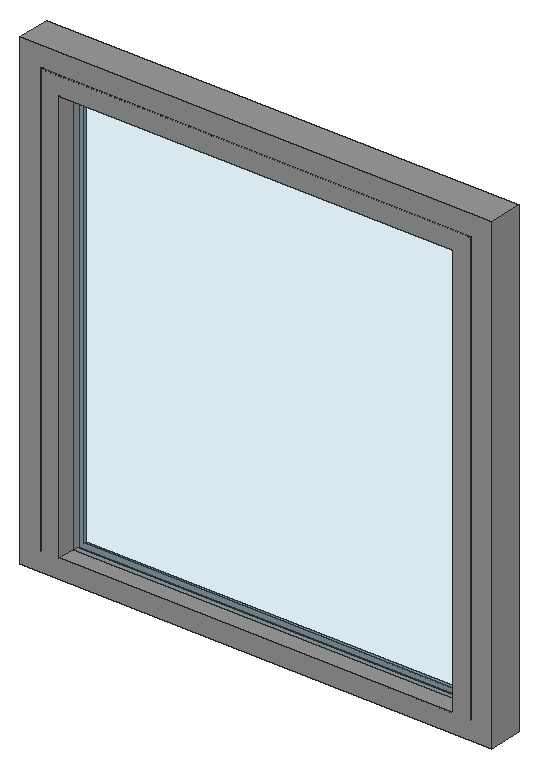
Revit family "Kawneer_Window_GT70s_Pos006", category Windows, host Wall, Revit 2020 (continued)
Definition of nested family "Kawneer_GT70s_Pos006"
  Definition of nested family "Kawneer_GT70s_Jamb6"
    Lines and regions (mm)
      model lines, in view "Ref. Level", detail levels fine
        curve 336: arc (-76.2, -69.5, 0) -> (-76.346, -69.146, 0) -> (-76.7, -69, 0) r 0.5
        curve 337: arc (-77.5, -68.8, 0) -> (-77.441, -68.941, 0) -> (-77.3, -69, 0) r 0.2
        curve 338: arc (-77, -68, 0) -> (-77.354, -68.146, 0) -> (-77.5, -68.5, 0) r 0.5
        curve 339: arc (-73.9, -68.8, 0) -> (-73.5, -68.4, 0) -> (-73.9, -68, 0) r 0.4
        curve 340: arc (-74.8, -68.8, 0) -> (-74.941, -68.859, 0) -> (-75, -69, 0) r 0.2
        curve 341: arc (-75, -69.9, 0) -> (-74.854, -70.254, 0) -> (-74.5, -70.4, 0) r 0.5
        curve 342: arc (-63.489, -70.211, 0) -> (-63.143, -70.061, 0) -> (-63, -69.711, 0) r 0.5
        curve 343: arc (-63, -56.2, 0) -> (-63.146, -55.846, 0) -> (-63.5, -55.7, 0) r 0.5
        curve 344: arc (-66.3, -55.7, 0) -> (-66.441, -55.759, 0) -> (-66.5, -55.9, 0) r 0.2
        curve 345: arc (-66.7, -57.294, 0) -> (-66.559, -57.235, 0) -> (-66.5, -57.094, 0) r 0.2
        curve 346: arc (-67.5, -56.494, 0) -> (-67.266, -57.059, 0) -> (-66.7, -57.294, 0) r 0.8
        curve 347: arc (-66.5, -53.3, 0) -> (-67, -52.8, 0) -> (-67.5, -53.3, 0) r 0.5
        curve 348: arc (-66.5, -53.9, 0) -> (-66.412, -54.112, 0) -> (-66.2, -54.2, 0) r 0.3
        curve 349: arc (-63.7, -54.2, 0) -> (-63.205, -53.995, 0) -> (-63, -53.5, 0) r 0.7
        curve 350: arc (-62.55, -50.373, 0) -> (-62.85, -50.373, 0) -> (-63, -50.633, 0) r 0.3
        curve 351: arc (-60.973, -51.742, 0) -> (-60.712, -51.634, 0) -> (-60.82, -51.372, 0) r 0.2
        curve 352: arc (-61.587, -53.223, 0) -> (-61.568, -53.411, 0) -> (-61.402, -53.5, 0) r 0.2
        curve 353: arc (-57.8, -53.5, 0) -> (-57.659, -53.441, 0) -> (-57.6, -53.3, 0) r 0.2
        curve 354: arc (-58.416, -51, 0) -> (-58.616, -51.215, 0) -> (-58.386, -51.398, 0) r 0.2
        curve 355: arc (-56.51, -51.419, 0) -> (-57.246, -51.107, 0) -> (-58.039, -51, 0) r 3
        curve 356: arc (-56.51, -51.419, 0) -> (-56, -51.559, 0) -> (-55.49, -51.419, 0) r 1
        curve 357: arc (-53.961, -51, 0) -> (-54.754, -51.107, 0) -> (-55.49, -51.419, 0) r 3
        curve 358: arc (-53.618, -51.397, 0) -> (-53.385, -51.217, 0) -> (-53.584, -51, 0) r 0.2
        curve 359: arc (-54.4, -53.3, 0) -> (-54.341, -53.441, 0) -> (-54.2, -53.5, 0) r 0.2
        curve 360: arc (-50.598, -53.5, 0) -> (-50.432, -53.411, 0) -> (-50.413, -53.223, 0) r 0.2
        curve 361: arc (-51.18, -51.372, 0) -> (-51.288, -51.634, 0) -> (-51.027, -51.742, 0) r 0.2
        curve 362: arc (-49, -50.633, 0) -> (-49.15, -50.373, 0) -> (-49.45, -50.373, 0) r 0.3
        curve 363: arc (-49, -53.3, 0) -> (-48.795, -53.795, 0) -> (-48.3, -54, 0) r 0.7
        curve 364: arc (-45.7, -54, 0) -> (-45.559, -53.941, 0) -> (-45.5, -53.8, 0) r 0.2
        curve 365: arc (-45.3, -52.4, 0) -> (-45.441, -52.459, 0) -> (-45.5, -52.6, 0) r 0.2
        curve 366: arc (-44.2, -53.4, 0) -> (-44.493, -52.693, 0) -> (-45.2, -52.4, 0) r 1
        curve 367: arc (-45.212, -57.78, 0) -> (-44.474, -57.116, 0) -> (-44.2, -56.161, 0) r 1.8
        curve 368: arc (-45.5, -57.6, 0) -> (-45.406, -57.77, 0) -> (-45.212, -57.78, 0) r 0.2
        curve 369: arc (-45.5, -56.2, 0) -> (-45.646, -55.846, 0) -> (-46, -55.7, 0) r 0.5
        curve 370: arc (-48.5, -55.7, 0) -> (-48.854, -55.846, 0) -> (-49, -56.2, 0) r 0.5
        curve 371: arc (-49, -69.7, 0) -> (-48.854, -70.054, 0) -> (-48.5, -70.2, 0) r 0.5
        curve 372: arc (-46, -70.2, 0) -> (-45.646, -70.054, 0) -> (-45.5, -69.7, 0) r 0.5
        curve 373: arc (-45.222, -67.816, 0) -> (-45.411, -67.833, 0) -> (-45.5, -68, 0) r 0.2
        curve 374: arc (-44, -69.658, 0) -> (-44.333, -68.553, 0) -> (-45.222, -67.816, 0) r 2
        curve 375: arc (-44.5, -72, 0) -> (-44.146, -71.854, 0) -> (-44, -71.5, 0) r 0.5
        curve 376: arc (-62.95, -37.065, 0) -> (-67.564, -43.206, 0) -> (-75, -41.278, 0) r 6.903
        curve 377: arc (-75, -27.76, 0) -> (-69.095, -25.071, 0) -> (-62.95, -27.155, 0) r 8.809
        curve 378: arc (-81.1, -1.4, 0) -> (-81.454, -1.546, 0) -> (-81.6, -1.9, 0) r 0.5
        curve 379: arc (-81.6, -23.921, 0) -> (-81.271, -24.391, 0) -> (-80.717, -24.242, 0) r 0.5
        curve 380: arc (-69.624, -11.3, 0) -> (-69.835, -11.347, 0) -> (-70.007, -11.479, 0) r 0.5
        curve 381: arc (-67.85, -11.3, 0) -> (-67.709, -11.241, 0) -> (-67.65, -11.1, 0) r 0.2
        curve 382: arc (-67.65, -5.8, 0) -> (-67.709, -5.659, 0) -> (-67.85, -5.6, 0) r 0.2
        curve 383: arc (-70.23, -4.35, 0) -> (-69.315, -5.265, 0) -> (-68.065, -5.6, 0) r 2.5
        curve 384: arc (-71.789, -1.65, 0) -> (-71.972, -1.467, 0) -> (-72.222, -1.4, 0) r 0.5
        curve 385: arc (-68.2, -0.5, 0) -> (-68.346, -0.146, 0) -> (-68.7, 0, 0) r 0.5
        curve 386: arc (-68.4, -1.2, 0) -> (-68.259, -1.141, 0) -> (-68.2, -1, 0) r 0.2
        curve 387: arc (-69.566, -1.2, 0) -> (-69.999, -1.45, 0) -> (-69.999, -1.95, 0) r 0.5
        curve 388: arc (-68.989, -3.7, 0) -> (-68.623, -4.066, 0) -> (-68.123, -4.2, 0) r 1
        curve 389: arc (-66.45, -4.7, 0) -> (-66.596, -4.346, 0) -> (-66.95, -4.2, 0) r 0.5
        curve 390: arc (-66.45, -10.747, 0) -> (-66.409, -10.868, 0) -> (-66.302, -10.94, 0) r 0.2
        curve 391: arc (-63.45, -12.855, 0) -> (-63.76, -11.942, 0) -> (-64.562, -11.406, 0) r 1.5
        curve 392: arc (-64.2, -14.69, 0) -> (-63.651, -14.141, 0) -> (-63.45, -13.391, 0) r 1.5
        curve 393: arc (-66.084, -15.7, 0) -> (-65.955, -15.683, 0) -> (-65.834, -15.633, 0) r 0.5
        curve 394: arc (-66.6, -15.5, 0) -> (-66.541, -15.641, 0) -> (-66.4, -15.7, 0) r 0.2
        curve 395: arc (-65.396, -13.554, 0) -> (-65.288, -13.009, 0) -> (-65.75, -12.7, 0) r 0.5
        curve 396: arc (-80.583, -26.261, 0) -> (-80.67, -26.411, 0) -> (-80.7, -26.582, 0) r 0.5
        curve 397: arc (-81.2, -30.9, 0) -> (-80.846, -30.754, 0) -> (-80.7, -30.4, 0) r 0.5
        curve 398: arc (-83, -30.4, 0) -> (-82.854, -30.754, 0) -> (-82.5, -30.9, 0) r 0.5
        curve 399: arc (-82.5, 0, 0) -> (-82.854, -0.146, 0) -> (-83, -0.5, 0) r 0.5
        curve 400: arc (-80.397, -68.865, 0) -> (-80.441, -69.029, 0) -> (-80.594, -69.1, 0) r 0.2
        curve 401: arc (-80.914, -69.415, 0) -> (-80.928, -69.208, 0) -> (-80.75, -69.1, 0) r 0.2
        curve 402: arc (-80.33, -70.1, 0) -> (-80.422, -70.077, 0) -> (-80.494, -70.015, 0) r 0.2
        curve 403: arc (-79.592, -70, 0) -> (-79.665, -70.073, 0) -> (-79.765, -70.1, 0) r 0.2
        curve 404: arc (-79.173, -69.274, 0) -> (-79, -69.174, 0) -> (-78.827, -69.274, 0) r 0.2
        curve 405: arc (-78.235, -70.1, 0) -> (-78.335, -70.073, 0) -> (-78.408, -70, 0) r 0.2
        curve 406: arc (-77.506, -70.015, 0) -> (-77.578, -70.077, 0) -> (-77.67, -70.1, 0) r 0.2
        curve 407: arc (-77.25, -69.1, 0) -> (-77.073, -69.207, 0) -> (-77.086, -69.415, 0) r 0.2
        curve 408: arc (-77.406, -69.1, 0) -> (-77.559, -69.029, 0) -> (-77.603, -68.865, 0) r 0.2
        curve 409: arc (-75.211, -67.817, 0) -> (-75.275, -67.947, 0) -> (-75.41, -68, 0) r 0.2
        curve 410: arc (-75.034, -65, 0) -> (-74.886, -65.065, 0) -> (-74.835, -65.217, 0) r 0.2
        curve 411: arc (-76.94, -65.148, 0) -> (-76.868, -65.041, 0) -> (-76.747, -65, 0) r 0.2
        curve 412: arc (-77.101, -65.752, 0) -> (-77.173, -65.859, 0) -> (-77.295, -65.9, 0) r 0.2
        curve 413: arc (-80.706, -65.9, 0) -> (-80.827, -65.858, 0) -> (-80.899, -65.752, 0) r 0.2
        curve 414: arc (-81.253, -65, 0) -> (-81.132, -65.041, 0) -> (-81.06, -65.148, 0) r 0.2
        curve 415: arc (-83.165, -65.217, 0) -> (-83.114, -65.065, 0) -> (-82.966, -65, 0) r 0.2
        curve 416: arc (-82.59, -68, 0) -> (-82.725, -67.947, 0) -> (-82.789, -67.817, 0) r 0.2
        curve 417: line (-36.416, -35.8, 0) -> (-28.15, -35.8, 0)
        curve 418: line (-28.15, -33.999, 0) -> (-36.416, -33.999, 0)
        curve 419: line (-7.584, -38, 0) -> (-25.85, -38, 0)
        curve 420: line (-25.85, -36.199, 0) -> (-7.584, -36.199, 0)
        curve 421: line (-40.4, -59.2, 0) -> (-40.4, -59.4, 0)
        curve 422: line (-40.4, -59.4, 0) -> (-40.4, -59.2, 0)
        curve 423: line (-77.736, -30.94, 0) -> (-78.46, -31.008, 0)
        curve 424: line (-78.679, -30.934, 0) -> (-79.217, -30.356, 0)
        curve 425: line (-79.611, -30.412, 0) -> (-79.856, -30.867, 0)
        curve 426: line (-79.856, -30.867, 0) -> (-74.417, -36.998, 0)
        curve 427: line (-82.229, -33.173, 0) -> (-80.116, -31.028, 0)
        curve 428: line (-80.116, -31.028, 0) -> (-82.894, -31.028, 0)
        curve 429: line (-83.193, -30.679, 0) -> (-82.994, -28.242, 0)
        curve 430: line (-86.517, -37.028, 0) -> (-84.064, -37.028, 0)
        curve 431: line (-37.6, -70.2, 0) -> (-6.4, -70.2, 0)
        curve 432: line (-6.4, -70.2, 0) -> (-6.4, -55, 0)
        curve 433: line (-6.4, -55, 0) -> (-37.6, -55, 0)
        curve 434: line (-37.6, -55, 0) -> (-37.6, -70.2, 0)
        curve 435: line (-9.961, -51, 0) -> (-9.5, -51.117, 0)
        curve 436: line (-9.54, -51.26, 0) -> (-10.4, -52.76, 0)
        curve 437: line (-10.4, -52.76, 0) -> (-10.4, -53.3, 0)
        curve 438: line (-10.4, -53.3, 0) -> (-10.4, -52.75, 0)
        curve 439: line (-10.4, -52.75, 0) -> (-9.54, -51.26, 0)
        curve 440: line (-4.5, -70.2, 0) -> (-2, -70.2, 0)
        curve 441: line (-1.5, -69.7, 0) -> (-1.5, -67.8, 0)
        curve 442: line (0, -69.736, 0) -> (0, -71.5, 0)
        curve 443: line (-0.5, -72, 0) -> (-43.5, -72, 0)
        curve 444: line (-44, -71.5, 0) -> (-44, -69.736, 0)
        curve 445: line (-44, -69.736, 0) -> (-44, -71.5, 0)
        curve 446: line (-42.356, -68.262, 0) -> (-42.5, -67.8, 0)
        curve 447: line (-42.5, -67.8, 0) -> (-42.5, -69.7, 0)
        curve 448: line (-42, -70.2, 0) -> (-39.5, -70.2, 0)
        curve 449: line (-39, -69.7, 0) -> (-39, -56.2, 0)
        curve 450: line (-39.5, -55.7, 0) -> (-42, -55.7, 0)
        curve 451: line (-42.5, -56.2, 0) -> (-42.5, -57.8, 0)
        curve 452: line (-42.5, -57.8, 0) -> (-42.356, -57.638, 0)
        curve 453: line (-43.8, -56.071, 0) -> (-43.8, -53.4, 0)
        curve 454: line (-42.5, -52.6, 0) -> (-42.5, -54, 0)
        curve 455: line (-42.3, -54.2, 0) -> (-40.021, -54.2, 0)
        curve 456: line (-39.326, -53.585, 0) -> (-38.929, -50.331, 0)
        curve 457: line (-38.481, -50.107, 0) -> (-36.805, -51.075, 0)
        curve 458: line (-36.974, -51.391, 0) -> (-38.076, -53.243, 0)
        curve 459: line (-37.93, -53.5, 0) -> (-33.8, -53.5, 0)
        curve 460: line (-33.8, -53.5, 0) -> (-34.821, -53.5, 0)
        curve 461: line (-33.6, -53.3, 0) -> (-33.6, -52.76, 0)
        curve 462: line (-33.6, -52.76, 0) -> (-34.385, -51.4, 0)
        curve 463: line (-34.385, -51.4, 0) -> (-33.6, -52.75, 0)
        curve 464: line (-33.6, -52.75, 0) -> (-33.6, -53.3, 0)
        curve 465: line (-34.385, -51, 0) -> (-34.039, -51, 0)
        curve 466: line (-31.441, -52.5, 0) -> (-31.152, -53, 0)
        curve 467: line (-30.286, -53.5, 0) -> (-13.714, -53.5, 0)
        curve 468: line (-12.848, -53, 0) -> (-12.559, -52.5, 0)
        curve 469: line (-9.179, -53.5, 0) -> (-10.2, -53.5, 0)
        curve 470: line (-10.2, -53.5, 0) -> (-6.07, -53.5, 0)
        curve 471: line (-5.924, -53.243, 0) -> (-7.005, -51.427, 0)
        curve 472: line (-7.195, -51.075, 0) -> (-5.519, -50.107, 0)
        curve 473: line (-5.071, -50.331, 0) -> (-4.674, -53.585, 0)
        curve 474: line (-3.979, -54.2, 0) -> (-1.7, -54.2, 0)
        curve 475: line (-1.5, -54, 0) -> (-1.5, -52.6, 0)
        curve 476: line (-0.2, -53.4, 0) -> (-0.2, -56.071, 0)
        curve 477: line (-1.5, -57.8, 0) -> (-1.5, -56.2, 0)
        curve 478: line (-2, -55.7, 0) -> (-4.5, -55.7, 0)
        curve 479: line (-5, -56.2, 0) -> (-5, -69.7, 0)
        curve 480: line (-6.4, -17, 0) -> (-6.4, -1.8, 0)
        curve 481: line (-6.4, -1.8, 0) -> (-37.6, -1.8, 0)
        curve 482: line (-37.6, -1.8, 0) -> (-37.6, -17, 0)
        curve 483: line (-37.6, -17, 0) -> (-6.4, -17, 0)
        curve 484: line (-34.039, -21, 0) -> (-34.5, -20.883, 0)
        curve 485: line (-34.46, -20.74, 0) -> (-33.6, -19.24, 0)
        curve 486: line (-33.6, -19.24, 0) -> (-33.6, -18.7, 0)
        curve 487: line (-33.6, -18.7, 0) -> (-33.6, -19.24, 0)
        curve 488: line (-33.6, -19.25, 0) -> (-34.46, -20.74, 0)
        curve 489: line (-5, -2.3, 0) -> (-5, -15.8, 0)
        curve 490: line (-4.5, -16.3, 0) -> (-2, -16.3, 0)
        curve 491: line (-1.5, -15.8, 0) -> (-1.5, -14.2, 0)
        curve 492: line (-0.2, -15.929, 0) -> (-0.2, -18.6, 0)
        curve 493: line (-1.5, -19.4, 0) -> (-1.5, -18, 0)
        curve 494: line (-1.7, -17.8, 0) -> (-3.979, -17.8, 0)
        curve 495: line (-4.674, -18.415, 0) -> (-5.071, -21.669, 0)
        curve 496: line (-5.519, -21.893, 0) -> (-7.195, -20.925, 0)
        curve 497: line (-7.026, -20.609, 0) -> (-5.924, -18.757, 0)
        curve 498: line (-6.07, -18.5, 0) -> (-10.2, -18.5, 0)
        curve 499: line (-10.2, -18.5, 0) -> (-9.179, -18.5, 0)
        curve 500: line (-10.4, -18.7, 0) -> (-10.4, -19.24, 0)
        curve 501: line (-10.4, -19.24, 0) -> (-9.615, -20.6, 0)
        curve 502: line (-9.615, -20.6, 0) -> (-10.4, -19.25, 0)
        curve 503: line (-10.4, -19.25, 0) -> (-10.4, -18.7, 0)
        curve 504: line (-9.615, -21, 0) -> (-9.961, -21, 0)
        curve 505: line (-12.559, -19.5, 0) -> (-12.848, -19, 0)
        curve 506: line (-13.714, -18.5, 0) -> (-30.286, -18.5, 0)
        curve 507: line (-31.152, -19, 0) -> (-31.441, -19.5, 0)
        curve 508: line (-34.821, -18.5, 0) -> (-33.8, -18.5, 0)
        curve 509: line (-33.8, -18.5, 0) -> (-37.93, -18.5, 0)
        curve 510: line (-38.076, -18.757, 0) -> (-36.995, -20.573, 0)
        curve 511: line (-36.805, -20.925, 0) -> (-38.481, -21.893, 0)
        curve 512: line (-38.929, -21.669, 0) -> (-39.326, -18.415, 0)
        curve 513: line (-40.021, -17.8, 0) -> (-42.3, -17.8, 0)
        curve 514: line (-42.5, -18, 0) -> (-42.5, -19.4, 0)
        curve 515: line (-43.8, -18.6, 0) -> (-43.8, -15.929, 0)
        curve 516: line (-42.5, -14.2, 0) -> (-42.5, -15.8, 0)
        curve 517: line (-42, -16.3, 0) -> (-39.5, -16.3, 0)
        curve 518: line (-39, -15.8, 0) -> (-39, -2.3, 0)
        curve 519: line (-39.5, -1.8, 0) -> (-42, -1.8, 0)
        curve 520: line (-42.5, -2.3, 0) -> (-42.5, -4.2, 0)
        curve 521: line (-44, -2.264, 0) -> (-44, -0.5, 0)
        curve 522: line (-44, -0.5, 0) -> (-44, -2.342, 0)
        curve 523: line (-43.5, 0, 0) -> (-0.5, 0, 0)
        curve 524: line (0, -0.5, 0) -> (0, -2.264, 0)
        curve 525: line (-1.5, -4.2, 0) -> (-1.5, -2.3, 0)
        curve 526: line (-2, -1.8, 0) -> (-4.5, -1.8, 0)
        curve 527: line (-5.05, -23.141, 0) -> (-5.05, -44.3, 0)
        curve 528: line (-4.55, -44.8, 0) -> (-1.05, -44.8, 0)
        curve 529: line (-0.55, -45.3, 0) -> (-0.55, -46.9, 0)
        curve 530: line (-1.55, -46.9, 0) -> (-1.55, -46.3, 0)
        curve 531: line (-1.85, -46, 0) -> (-4.55, -46, 0)
        curve 532: line (-5.05, -46.5, 0) -> (-5.05, -48.859, 0)
        curve 533: line (-5.3, -49.292, 0) -> (-6.355, -49.901, 0)
        curve 534: line (-7.081, -51.258, 0) -> (-6.6, -52.419, 0)
        curve 535: line (-6.6, -52.419, 0) -> (-6.6, -53.3, 0)
        curve 536: line (-6.8, -53.5, 0) -> (-7.621, -53.5, 0)
        curve 537: line (-6.75, -46.156, 0) -> (-6.75, -38.2, 0)
        curve 538: line (-7.25, -37.7, 0) -> (-25.85, -37.7, 0)
        curve 539: line (-25.85, -36.5, 0) -> (-12.096, -36.5, 0)
        curve 540: line (-11.404, -36.5, 0) -> (-7.25, -36.5, 0)
        curve 541: line (-6.75, -36, 0) -> (-6.75, -25.844, 0)
        curve 542: line (-7.621, -18.5, 0) -> (-6.8, -18.5, 0)
        curve 543: line (-6.6, -18.7, 0) -> (-6.6, -19.581, 0)
        curve 544: line (-6.6, -19.581, 0) -> (-7.081, -20.742, 0)
        curve 545: line (-6.355, -22.099, 0) -> (-5.3, -22.708, 0)
        curve 546: line (-38.95, -44.3, 0) -> (-38.95, -23.141, 0)
        curve 547: line (-38.7, -22.708, 0) -> (-37.645, -22.099, 0)
        curve 548: line (-36.919, -20.742, 0) -> (-37.4, -19.581, 0)
        curve 549: line (-37.4, -19.581, 0) -> (-37.4, -18.7, 0)
        curve 550: line (-37.2, -18.5, 0) -> (-36.379, -18.5, 0)
        curve 551: line (-37.25, -25.844, 0) -> (-37.25, -33.8, 0)
        curve 552: line (-36.75, -34.3, 0) -> (-28.15, -34.3, 0)
        curve 553: line (-28.15, -35.5, 0) -> (-36.75, -35.5, 0)
        curve 554: line (-37.25, -36, 0) -> (-37.25, -46.156, 0)
        curve 555: line (-36.379, -53.5, 0) -> (-37.2, -53.5, 0)
        curve 556: line (-37.4, -53.3, 0) -> (-37.4, -52.419, 0)
        curve 557: line (-37.4, -52.419, 0) -> (-36.919, -51.258, 0)
        curve 558: line (-37.645, -49.901, 0) -> (-38.7, -49.292, 0)
        curve 559: line (-38.95, -48.859, 0) -> (-38.95, -46.5, 0)
        curve 560: line (-39.45, -46, 0) -> (-42.15, -46, 0)
        curve 561: line (-42.45, -46.3, 0) -> (-42.45, -46.9, 0)
        curve 562: line (-43.45, -46.9, 0) -> (-43.45, -45.3, 0)
        curve 563: line (-42.95, -44.8, 0) -> (-39.45, -44.8, 0)
        curve 564: line (-39, -59.591, 0) -> (-40.929, -57.661, 0)
        curve 565: line (-41.909, -58.803, 0) -> (-42.71, -58.002, 0)
        curve 566: line (-39, -63.833, 0) -> (-40.4, -62.433, 0)
        curve 567: line (-41.433, -61.4, 0) -> (-42.94, -59.893, 0)
        curve 568: line (-43.008, -58.041, 0) -> (-43.865, -58.968, 0)
        curve 569: line (-43.865, -58.968, 0) -> (-44.795, -58.038, 0)
        curve 570: line (-39, -65.955, 0) -> (-40.575, -64.38, 0)
        curve 571: line (-43.555, -61.4, 0) -> (-45.061, -59.893, 0)
        curve 572: line (-46.182, -58.773, 0) -> (-47.235, -57.719, 0)
        curve 573: line (-39.291, -67.785, 0) -> (-40.4, -66.676, 0)
        curve 574: line (-40.4, -66.676, 0) -> (-40.4, -66.5, 0)
        curve 575: line (-41.076, -66, 0) -> (-42.576, -64.5, 0)
        curve 576: line (-45.676, -61.4, 0) -> (-47.102, -59.974, 0)
        curve 577: line (-47.102, -59.974, 0) -> (-47.263, -59.813, 0)
        curve 578: line (-47.263, -59.813, 0) -> (-48.697, -58.379, 0)
        curve 579: line (-40.955, -68.243, 0) -> (-42.123, -67.074, 0)
        curve 580: line (-43.197, -66, 0) -> (-44.697, -64.5, 0)
        curve 581: line (-43.499, -67.82, 0) -> (-44.373, -66.946, 0)
        curve 582: line (-48.8, -60.397, 0) -> (-47.562, -61.635, 0)
        curve 583: line (-47.562, -61.635, 0) -> (-47.391, -61.806, 0)
        curve 584: line (-47.391, -61.806, 0) -> (-47.4, -63.919, 0)
        curve 585: line (-47.4, -63.919, 0) -> (-47.861, -63.458, 0)
        curve 586: line (-47.861, -63.458, 0) -> (-48.8, -62.519, 0)
        curve 587: line (-45.444, -68.262, 0) -> (-45.408, -68.032, 0)
        curve 588: line (-45.408, -68.032, 0) -> (-46.055, -67.385, 0)
        curve 589: line (-46.055, -67.385, 0) -> (-46.3, -67.14, 0)
        curve 590: line (-47.273, -66.167, 0) -> (-48.159, -65.281, 0)
        curve 591: line (-48.159, -65.281, 0) -> (-48.8, -64.64, 0)
        curve 592: line (-47.408, -68.154, 0) -> (-48.458, -67.103, 0)
        curve 593: line (-48.458, -67.103, 0) -> (-48.8, -66.761, 0)
        curve 594: line (-48.8, -59.591, 0) -> (-46.871, -57.661, 0)
        curve 595: line (-48.8, -61.712, 0) -> (-47.334, -60.246, 0)
        curve 596: line (-47.334, -60.246, 0) -> (-47.106, -60.018, 0)
        curve 597: line (-47.106, -60.018, 0) -> (-46.981, -59.893, 0)
        curve 598: line (-46.981, -59.893, 0) -> (-40.9, -59.893, 0)
        curve 599: line (-40.9, -59.893, 0) -> (-39, -61.712, 0)
        curve 600: line (-45.891, -58.803, 0) -> (-45.087, -57.999, 0)
        curve 601: line (-48.8, -63.833, 0) -> (-47.75, -62.783, 0)
        curve 602: line (-47.75, -62.783, 0) -> (-47.394, -62.427, 0)
        curve 603: line (-46.367, -61.4, 0) -> (-44.86, -59.893, 0)
        curve 604: line (-48.8, -65.955, 0) -> (-48.166, -65.32, 0)
        curve 605: line (-48.166, -65.32, 0) -> (-47.225, -64.38, 0)
        curve 606: line (-44.245, -61.4, 0) -> (-42.739, -59.893, 0)
        curve 607: line (-41.618, -58.773, 0) -> (-40.565, -57.719, 0)
        curve 608: line (-48.509, -67.785, 0) -> (-47.4, -66.676, 0)
        curve 609: line (-47.4, -66.676, 0) -> (-47.4, -66.5, 0)
        curve 610: line (-46.724, -66, 0) -> (-45.224, -64.5, 0)
        curve 611: line (-42.124, -61.4, 0) -> (-39.103, -58.379, 0)
        curve 612: line (-46.845, -68.243, 0) -> (-46.552, -67.95, 0)
        curve 613: line (-46.552, -67.95, 0) -> (-45.677, -67.074, 0)
        curve 614: line (-44.603, -66, 0) -> (-43.103, -64.5, 0)
        curve 615: line (-44.302, -67.821, 0) -> (-43.427, -66.946, 0)
        curve 616: line (-42.481, -66, 0) -> (-40.981, -64.5, 0)
        curve 617: line (-40.981, -64.5, 0) -> (-46.819, -64.5, 0)
        curve 618: line (-46.819, -64.5, 0) -> (-45.319, -66, 0)
        curve 619: line (-39, -60.397, 0) -> (-40.4, -61.9, 0)
        curve 620: line (-40.4, -61.9, 0) -> (-40.4, -63.919, 0)
        curve 621: line (-40.4, -63.919, 0) -> (-39, -62.519, 0)
        curve 622: line (-42.392, -68.032, 0) -> (-41.5, -67.14, 0)
        curve 623: line (-40.527, -66.167, 0) -> (-39, -64.64, 0)
        curve 624: line (-40.392, -68.154, 0) -> (-39, -66.761, 0)
        curve 625: line (-46.848, -67.197, 0) -> (-44.736, -66.975, 0)
        curve 626: line (-43.064, -66.975, 0) -> (-40.952, -67.197, 0)
        curve 627: line (-40.9, -66, 0) -> (-46.9, -66, 0)
        curve 628: line (-40.9, -61.4, 0) -> (-46.9, -61.4, 0)
        curve 629: line (-40.952, -58.703, 0) -> (-43.064, -58.925, 0)
        curve 630: line (-44.736, -58.925, 0) -> (-46.848, -58.703, 0)
        curve 631: line (-47.4, -59.2, 0) -> (-47.4, -59.4, 0)
        curve 632: line (-45.673, -68.428, 0) -> (-47.956, -68.067, 0)
        curve 633: line (-48.8, -67.079, 0) -> (-48.8, -58.821, 0)
        curve 634: line (-47.956, -57.833, 0) -> (-45.673, -57.472, 0)
        curve 635: line (-45.5, -56.2, 0) -> (-45.444, -57.638, 0)
        curve 636: line (-45.444, -57.638, 0) -> (-45.395, -57.947, 0)
        curve 637: line (-42.127, -57.472, 0) -> (-39.844, -57.833, 0)
        curve 638: line (-39, -58.821, 0) -> (-39, -67.079, 0)
        curve 639: line (-39.844, -68.067, 0) -> (-42.127, -68.428, 0)
        curve 640: line (-48.068, -5.5, 0) -> (-40.7, -5.5, 0)
        curve 641: line (-40.5, -5.7, 0) -> (-40.5, -8.75, 0)
        curve 642: line (-40.5, -9.35, 0) -> (-40.5, -12.4, 0)
        curve 643: line (-40.7, -12.6, 0) -> (-48.068, -12.6, 0)
        curve 644: line (-48.18, -13.45, 0) -> (-46.5, -13.9, 0)
        curve 645: line (-46.5, -13.9, 0) -> (-40, -13.9, 0)
        curve 646: line (-39, -12.9, 0) -> (-39, -5.2, 0)
        curve 647: line (-40, -4.2, 0) -> (-46.5, -4.2, 0)
        curve 648: line (-46.5, -4.2, 0) -> (-48.18, -4.65, 0)
        curve 649: line (-52.5, -1.4, 0) -> (-56, -1.4, 0)
        curve 650: line (-56, -1.4, 0) -> (-59.5, -1.4, 0)
        curve 651: line (-59.9, -1.8, 0) -> (-61, -1.8, 0)
        curve 652: line (-61.2, -2, 0) -> (-61.2, -3.013, 0)
        curve 653: line (-61.6, -3.413, 0) -> (-61.6, -9.306, 0)
        curve 654: line (-61.6, -9.306, 0) -> (-61.6, -15.2, 0)
        curve 655: line (-61.2, -15.6, 0) -> (-61.2, -16.5, 0)
        curve 656: line (-61, -16.7, 0) -> (-60.273, -16.7, 0)
        curve 657: line (-59.927, -16.9, 0) -> (-56, -16.9, 0)
        curve 658: line (-56, -16.9, 0) -> (-52.073, -16.9, 0)
        curve 659: line (-51.727, -16.7, 0) -> (-51, -16.7, 0)
        curve 660: line (-50.8, -16.5, 0) -> (-50.8, -15.6, 0)
        curve 661: line (-50.4, -15.2, 0) -> (-50.4, -9.306, 0)
        curve 662: line (-50.4, -9.306, 0) -> (-50.4, -3.413, 0)
        curve 663: line (-50.8, -3.013, 0) -> (-50.8, -2, 0)
        curve 664: line (-51, -1.8, 0) -> (-52.1, -1.8, 0)
        curve 665: line (-67.5, 0, 0) -> (-44.5, 0, 0)
        curve 666: line (-45.5, -4, 0) -> (-45.5, -2.3, 0)
        curve 667: line (-46, -1.8, 0) -> (-48.5, -1.8, 0)
        curve 668: line (-49, -2.3, 0) -> (-49, -15.8, 0)
        curve 669: line (-48.5, -16.3, 0) -> (-46, -16.3, 0)
        curve 670: line (-45.5, -15.8, 0) -> (-45.5, -14.4, 0)
        curve 671: line (-44.2, -15.839, 0) -> (-44.2, -18.6, 0)
        curve 672: line (-45.5, -19.4, 0) -> (-45.5, -18.2, 0)
        curve 673: line (-45.7, -18, 0) -> (-48.3, -18, 0)
        curve 674: line (-49, -18.7, 0) -> (-49, -21.367, 0)
        curve 675: line (-51.027, -20.258, 0) -> (-50.413, -18.777, 0)
        curve 676: line (-50.598, -18.5, 0) -> (-54.2, -18.5, 0)
        curve 677: line (-54.2, -18.5, 0) -> (-53.179, -18.5, 0)
        curve 678: line (-54.4, -18.7, 0) -> (-54.4, -19.24, 0)
        curve 679: line (-54.4, -19.24, 0) -> (-53.614, -20.602, 0)
        curve 680: line (-53.614, -20.602, 0) -> (-54.4, -19.25, 0)
        curve 681: line (-54.4, -19.25, 0) -> (-54.4, -18.7, 0)
        curve 682: line (-53.481, -21.437, 0) -> (-53.584, -21, 0)
        curve 683: line (-53.584, -21, 0) -> (-53.961, -21, 0)
        curve 684: line (-58.039, -21, 0) -> (-58.416, -21, 0)
        curve 685: line (-58.416, -21, 0) -> (-58.519, -21.437, 0)
        curve 686: line (-58.386, -20.602, 0) -> (-57.6, -19.24, 0)
        curve 687: line (-57.6, -19.24, 0) -> (-57.6, -18.7, 0)
        curve 688: line (-57.6, -18.7, 0) -> (-57.6, -19.25, 0)
        curve 689: line (-57.6, -19.25, 0) -> (-58.452, -20.726, 0)
        curve 690: line (-58.821, -18.5, 0) -> (-57.8, -18.5, 0)
        curve 691: line (-57.8, -18.5, 0) -> (-61.402, -18.5, 0)
        curve 692: line (-61.587, -18.777, 0) -> (-60.973, -20.258, 0)
        curve 693: line (-61.4, -18.7, 0) -> (-61.4, -19.581, 0)
        curve 694: line (-61.4, -19.581, 0) -> (-60.82, -20.628, 0)
        curve 695: line (-60.82, -20.628, 0) -> (-61.921, -21.264, 0)
        curve 696: line (-61.921, -21.264, 0) -> (-62.55, -21.627, 0)
        curve 697: line (-63, -21.367, 0) -> (-63, -18.7, 0)
        curve 698: line (-63.7, -18, 0) -> (-66.3, -18, 0)
        curve 699: line (-66.5, -18.2, 0) -> (-66.5, -19.4, 0)
        curve 700: line (-67.8, -18.6, 0) -> (-67.8, -15.839, 0)
        curve 701: line (-66.5, -14.4, 0) -> (-66.5, -15.8, 0)
        curve 702: line (-66.5, -15.8, 0) -> (-66.084, -15.7, 0)
        curve 703: line (-66, -16.3, 0) -> (-63.5, -16.3, 0)
        curve 704: line (-63, -15.8, 0) -> (-63, -2.3, 0)
        curve 705: line (-63.5, -1.8, 0) -> (-66, -1.8, 0)
        curve 706: line (-66.5, -2.3, 0) -> (-66.5, -4, 0)
        curve 707: line (-68, -2.342, 0) -> (-68, -0.5, 0)
        curve 708: line (-50.95, -35.5, 0) -> (-59.25, -35.5, 0)
        curve 709: line (-59.25, -34.3, 0) -> (-50.964, -34.3, 0)
        curve 710: line (-51.395, -25.015, 0) -> (-52.779, -23.365, 0)
        curve 711: line (-51.621, -18.5, 0) -> (-50.8, -18.5, 0)
        curve 712: line (-50.6, -18.7, 0) -> (-50.6, -19.581, 0)
        curve 713: line (-50.6, -19.581, 0) -> (-51.081, -20.742, 0)
        curve 714: line (-51.081, -20.742, 0) -> (-50.079, -21.264, 0)
        curve 715: line (-50.079, -21.264, 0) -> (-49.45, -21.627, 0)
        curve 716: line (-50.355, -22.099, 0) -> (-49.55, -22.564, 0)
        curve 717: line (-49.05, -23.43, 0) -> (-49.05, -48.57, 0)
        curve 718: line (-49.55, -49.436, 0) -> (-50.355, -49.901, 0)
        curve 719: line (-49.45, -50.373, 0) -> (-50.079, -50.736, 0)
        curve 720: line (-50.079, -50.736, 0) -> (-51.081, -51.258, 0)
        curve 721: line (-51.081, -51.258, 0) -> (-50.6, -52.419, 0)
        curve 722: line (-50.6, -52.419, 0) -> (-50.6, -53.3, 0)
        curve 723: line (-50.8, -53.5, 0) -> (-51.621, -53.5, 0)
        curve 724: line (-53.179, -53.5, 0) -> (-54.2, -53.5, 0)
        curve 725: line (-54.2, -53.5, 0) -> (-50.598, -53.5, 0)
        curve 726: line (-54.4, -53.3, 0) -> (-54.4, -52.76, 0)
        curve 727: line (-54.4, -52.75, 0) -> (-53.548, -51.274, 0)
        curve 728: line (-53.548, -51.274, 0) -> (-54.4, -52.76, 0)
        curve 729: line (-54.4, -52.76, 0) -> (-54.4, -53.3, 0)
        curve 730: line (-53.961, -51, 0) -> (-53.481, -51.024, 0)
        curve 731: line (-53.481, -51.024, 0) -> (-53.481, -50.566, 0)
        curve 732: line (-52.78, -48.636, 0) -> (-51.395, -46.986, 0)
        curve 733: line (-61.05, -36.5, 0) -> (-52.15, -36.5, 0)
        curve 734: line (-52.15, -37.7, 0) -> (-61.036, -37.7, 0)
        curve 735: line (-60.605, -46.985, 0) -> (-59.221, -48.635, 0)
        curve 736: line (-58.519, -50.563, 0) -> (-58.519, -51.024, 0)
        curve 737: line (-58.519, -51.024, 0) -> (-58.039, -51, 0)
        curve 738: line (-58.452, -51.274, 0) -> (-57.6, -52.75, 0)
        curve 739: line (-57.6, -52.75, 0) -> (-57.6, -53.3, 0)
        curve 740: line (-57.6, -53.3, 0) -> (-57.6, -52.76, 0)
        curve 741: line (-57.6, -52.76, 0) -> (-58.386, -51.398, 0)
        curve 742: line (-61.402, -53.5, 0) -> (-57.8, -53.5, 0)
        curve 743: line (-57.8, -53.5, 0) -> (-58.821, -53.5, 0)
        curve 744: line (-60.379, -53.5, 0) -> (-61.2, -53.5, 0)
        curve 745: line (-61.645, -49.901, 0) -> (-62.45, -49.436, 0)
        curve 746: line (-62.95, -48.57, 0) -> (-62.95, -46.5, 0)
        curve 747: line (-63.45, -46, 0) -> (-66.15, -46, 0)
        curve 748: line (-66.45, -46.3, 0) -> (-66.45, -46.9, 0)
        curve 749: line (-67.45, -46.9, 0) -> (-67.45, -43.9, 0)
        curve 750: line (-66.45, -43.9, 0) -> (-66.45, -44.5, 0)
        curve 751: line (-66.15, -44.8, 0) -> (-63.45, -44.8, 0)
        curve 752: line (-62.95, -44.3, 0) -> (-62.95, -23.43, 0)
        curve 753: line (-62.45, -22.564, 0) -> (-61.645, -22.099, 0)
        curve 754: line (-61.2, -18.5, 0) -> (-60.379, -18.5, 0)
        curve 755: line (-59.22, -23.364, 0) -> (-60.605, -25.014, 0)
        curve 756: line (-59.5, -70.6, 0) -> (-52.5, -70.6, 0)
        curve 757: line (-52.1, -70.2, 0) -> (-51, -70.2, 0)
        curve 758: line (-50.8, -70, 0) -> (-50.8, -68.9, 0)
        curve 759: line (-50.4, -68.5, 0) -> (-50.4, -57, 0)
        curve 760: line (-50.8, -56.6, 0) -> (-50.8, -55.5, 0)
        curve 761: line (-51, -55.3, 0) -> (-52.1, -55.3, 0)
        curve 762: line (-52.446, -55.1, 0) -> (-59.554, -55.1, 0)
        curve 763: line (-59.9, -55.3, 0) -> (-61, -55.3, 0)
        curve 764: line (-61.2, -55.5, 0) -> (-61.2, -56.6, 0)
        curve 765: line (-61.6, -57, 0) -> (-61.6, -68.5, 0)
        curve 766: line (-61.2, -68.9, 0) -> (-61.2, -70, 0)
        curve 767: line (-61, -70.2, 0) -> (-59.9, -70.2, 0)
        curve 768: line (-44.5, -72, 0) -> (-82.5, -72, 0)
        curve 769: line (-83, -71.5, 0) -> (-83, -68.5, 0)
        curve 770: line (-79.384, -69.639, 0) -> (-80.5, -68.5, 0)
        curve 771: line (-80.5, -68.5, 0) -> (-80.5, -68.8, 0)
        curve 772: line (-80.5, -68.8, 0) -> (-80.55, -68, 0)
        curve 773: line (-80.55, -68, 0) -> (-82.5, -68, 0)
        curve 774: line (-82.5, -68, 0) -> (-81, -68, 0)
        curve 775: line (-81, -68, 0) -> (-83.057, -65.967, 0)
        curve 776: line (-80.7, -69, 0) -> (-81.3, -69, 0)
        curve 777: line (-81.8, -69.5, 0) -> (-81.8, -70.1, 0)
        curve 778: line (-81.3, -70.6, 0) -> (-76.7, -70.6, 0)
        curve 779: line (-76.2, -70.1, 0) -> (-76.2, -69.5, 0)
        curve 780: line (-76.7, -69, 0) -> (-77.3, -69, 0)
        curve 781: line (-75.41, -68, 0) -> (-77.45, -68, 0)
        curve 782: line (-77.45, -68, 0) -> (-77.5, -68.8, 0)
        curve 783: line (-77.5, -68.8, 0) -> (-77.5, -68.5, 0)
        curve 784: line (-77.5, -68.5, 0) -> (-78.616, -69.639, 0)
        curve 785: line (-74.943, -65.967, 0) -> (-77, -68, 0)
        curve 786: line (-77, -68, 0) -> (-73.9, -68, 0)
        curve 787: line (-73.9, -68.8, 0) -> (-74.8, -68.8, 0)
        curve 788: line (-75, -69, 0) -> (-75, -69.9, 0)
        curve 789: line (-74.5, -70.4, 0) -> (-72, -70.4, 0)
        curve 790: line (-72, -70.4, 0) -> (-63.489, -70.211, 0)
        curve 791: line (-63, -69.711, 0) -> (-63, -56.2, 0)
        curve 792: line (-63.5, -55.7, 0) -> (-66.3, -55.7, 0)
        curve 793: line (-66.5, -55.9, 0) -> (-66.5, -57.094, 0)
        curve 794: line (-67.5, -56.494, 0) -> (-67.5, -53.3, 0)
        curve 795: line (-66.5, -53.3, 0) -> (-66.5, -53.9, 0)
        curve 796: line (-66.2, -54.2, 0) -> (-63.7, -54.2, 0)
        curve 797: line (-63, -53.5, 0) -> (-63, -50.633, 0)
        curve 798: line (-62.55, -50.373, 0) -> (-61.921, -50.736, 0)
        curve 799: line (-61.921, -50.736, 0) -> (-60.82, -51.372, 0)
        curve 800: line (-60.82, -51.372, 0) -> (-61.4, -52.419, 0)
        curve 801: line (-61.4, -52.419, 0) -> (-61.4, -53.3, 0)
        curve 802: line (-60.973, -51.742, 0) -> (-61.587, -53.223, 0)
        curve 803: line (-50.413, -53.223, 0) -> (-51.027, -51.742, 0)
        curve 804: line (-49, -50.633, 0) -> (-49, -53.3, 0)
        curve 805: line (-48.3, -54, 0) -> (-45.7, -54, 0)
        curve 806: line (-45.5, -53.8, 0) -> (-45.5, -52.6, 0)
        curve 807: line (-44.2, -53.4, 0) -> (-44.2, -56.161, 0)
        curve 808: line (-46, -55.7, 0) -> (-48.5, -55.7, 0)
        curve 809: line (-49, -56.2, 0) -> (-49, -69.7, 0)
        curve 810: line (-48.5, -70.2, 0) -> (-46, -70.2, 0)
        curve 811: line (-45.5, -69.7, 0) -> (-45.5, -68, 0)
        curve 812: line (-75, -28.595, 0) -> (-72.218, -25.813, 0)
        curve 813: line (-75, -32.131, 0) -> (-67.957, -25.087, 0)
        curve 814: line (-75, -35.666, 0) -> (-65.129, -25.795, 0)
        curve 815: line (-74.258, -41.996, 0) -> (-62.95, -30.687, 0)
        curve 816: line (-71.981, -43.253, 0) -> (-62.95, -34.223, 0)
        curve 817: line (-68.687, -43.495, 0) -> (-63.037, -37.846, 0)
        curve 818: line (-62.95, -28.595, 0) -> (-66.111, -25.434, 0)
        curve 819: line (-62.95, -32.131, 0) -> (-69.928, -25.152, 0)
        curve 820: line (-62.95, -35.666, 0) -> (-72.615, -26.001, 0)
        curve 821: line (-63.29, -38.861, 0) -> (-74.694, -27.458, 0)
        curve 822: line (-64.557, -41.13, 0) -> (-75, -30.687, 0)
        curve 823: line (-66.496, -42.727, 0) -> (-75, -34.223, 0)
        curve 824: line (-69.196, -43.562, 0) -> (-75, -37.758, 0)
        curve 825: line (-74.653, -41.641, 0) -> (-74.794, -41.499, 0)
        curve 826: line (-62.95, -37.065, 0) -> (-62.95, -33.865, 0)
        curve 827: line (-62.95, -33.865, 0) -> (-62.95, -27.155, 0)
        curve 828: line (-62.95, -27.155, 0) -> (-75, -39.202, 0)
        curve 829: line (-75, -27.76, 0) -> (-75, -41.278, 0)
        curve 830: line (-72.222, -1.4, 0) -> (-81.1, -1.4, 0)
        curve 831: line (-81.6, -1.9, 0) -> (-81.6, -23.921, 0)
        curve 832: line (-80.717, -24.242, 0) -> (-70.007, -11.479, 0)
        curve 833: line (-69.624, -11.3, 0) -> (-67.85, -11.3, 0)
        curve 834: line (-67.65, -11.1, 0) -> (-67.65, -5.8, 0)
        curve 835: line (-67.85, -5.6, 0) -> (-68.065, -5.6, 0)
        curve 836: line (-70.23, -4.35, 0) -> (-71.789, -1.65, 0)
        curve 837: line (-82.5, 0, 0) -> (-68.7, 0, 0)
        curve 838: line (-68.2, -0.5, 0) -> (-68.2, -1, 0)
        curve 839: line (-68.4, -1.2, 0) -> (-69.566, -1.2, 0)
        curve 840: line (-69.999, -1.95, 0) -> (-68.989, -3.7, 0)
        curve 841: line (-68.123, -4.2, 0) -> (-66.95, -4.2, 0)
        curve 842: line (-66.45, -4.7, 0) -> (-66.45, -10.747, 0)
        curve 843: line (-66.302, -10.94, 0) -> (-64.562, -11.406, 0)
        curve 844: line (-63.45, -12.855, 0) -> (-63.45, -13.391, 0)
        curve 845: line (-64.2, -14.69, 0) -> (-65.834, -15.633, 0)
        curve 846: line (-66.6, -15.5, 0) -> (-66.6, -14.84, 0)
        curve 847: line (-66.6, -14.84, 0) -> (-65.396, -13.554, 0)
        curve 848: line (-65.75, -12.7, 0) -> (-69.204, -12.7, 0)
        curve 849: line (-69.204, -12.7, 0) -> (-80.583, -26.261, 0)
        curve 850: line (-80.7, -26.582, 0) -> (-80.7, -30.4, 0)
        curve 851: line (-81.2, -30.9, 0) -> (-82.5, -30.9, 0)
        curve 852: line (-82.5, -30.9, 0) -> (-85.718, -34.638, 0)
        curve 853: line (-83, -30.4, 0) -> (-83, -0.5, 0)
        curve 854: line (-76.098, -65, 0) -> (-80.749, -69.651, 0)
        curve 855: line (-79.119, -65.9, 0) -> (-81.219, -68, 0)
        curve 856: line (-81.06, -65.148, 0) -> (-80.939, -65.599, 0)
        curve 857: line (-80.939, -65.599, 0) -> (-82.836, -67.495, 0)
        curve 858: line (-82.462, -65, 0) -> (-83.104, -65.642, 0)
        curve 859: line (-81.902, -65, 0) -> (-77.251, -69.651, 0)
        curve 860: line (-78.881, -65.9, 0) -> (-76.781, -68, 0)
        curve 861: line (-76.94, -65.148, 0) -> (-77.061, -65.599, 0)
        curve 862: line (-77.061, -65.599, 0) -> (-75.164, -67.495, 0)
        curve 863: line (-75.538, -65, 0) -> (-74.896, -65.642, 0)
        curve 864: line (-80.914, -69.415, 0) -> (-80.494, -70.015, 0)
        curve 865: line (-80.33, -70.1, 0) -> (-79.765, -70.1, 0)
        curve 866: line (-79.592, -70, 0) -> (-79.173, -69.274, 0)
        curve 867: line (-78.827, -69.274, 0) -> (-78.408, -70, 0)
        curve 868: line (-78.235, -70.1, 0) -> (-77.67, -70.1, 0)
        curve 869: line (-77.506, -70.015, 0) -> (-77.086, -69.415, 0)
        curve 870: line (-75.211, -67.817, 0) -> (-74.835, -65.217, 0)
        curve 871: line (-75.034, -65, 0) -> (-76.747, -65, 0)
        curve 872: line (-77.295, -65.9, 0) -> (-80.706, -65.9, 0)
        curve 873: line (-81.253, -65, 0) -> (-82.966, -65, 0)
        curve 874: line (-83.165, -65.217, 0) -> (-82.789, -67.817, 0)
        curve 875: line (-73.902, -35.614, 0) -> (-75.105, -36.903, 0)
        curve 876: line (-75.202, -34.735, 0) -> (-76.754, -36.398, 0)
        curve 877: line (-76.175, -33.504, 0) -> (-78.144, -35.614, 0)
        curve 878: line (-76.874, -31.98, 0) -> (-79.5, -34.793, 0)
        curve 879: line (-76.789, -32.183, 0) -> (-78.052, -30.97, 0)
        curve 880: line (-78.052, -30.97, 0) -> (-83.68, -37, 0)
        curve 881: line (-84.175, -35.257, 0) -> (-85.828, -37.028, 0)
        curve 882: line (-86.851, -35.851, 0) -> (-87.015, -36.027, 0)
        curve 883: line (-83.102, -29.562, 0) -> (-85.061, -31.661, 0)
        curve 884: line (-86.222, -35.714, 0) -> (-84.995, -37.028, 0)
        curve 885: line (-85.556, -34.155, 0) -> (-84.571, -35.209, 0)
        curve 886: line (-84.571, -35.209, 0) -> (-83.014, -36.878, 0)
        curve 887: line (-85.148, -32.319, 0) -> (-83.527, -34.055, 0)
        curve 888: line (-82.925, -34.701, 0) -> (-81.601, -36.119, 0)
        curve 889: line (-84.798, -30.421, 0) -> (-80.513, -35.012, 0)
        curve 890: line (-84.172, -28.819, 0) -> (-83.132, -29.933, 0)
        curve 891: line (-82.11, -31.028, 0) -> (-77.39, -36.085, 0)
        curve 892: line (-73.366, -35.851, 0) -> (-73.202, -36.027, 0)
      detail lines, in view "Ref. Level", detail levels coarse+medium
        curve 893: line (-73, -37, 0) -> (-83, -37, 0)
        curve 894: line (-83, -37, 0) -> (-83, 0, 0)
        curve 895: line (-83, 0, 0) -> (0, 0, 0)
        curve 896: line (0, 0, 0) -> (0, -72, 0)
        curve 897: line (0, -72, 0) -> (-83, -72, 0)
        curve 898: line (-83, -72, 0) -> (-83, -65, 0)
        curve 899: line (-83, -65, 0) -> (-73, -65, 0)
        curve 900: line (-73, -65, 0) -> (-73, -37, 0)
  Definition of nested family "Kawneer_GT70s_Cill6"
    Parameters (values of type "Jamb Open")
      Open [instance] = yes
    Reference planes
      plane 1 "Center (Front/Back)": y = 0
      plane 2: z = 0
      plane 3 "Center (Left/Right)": x = 0
      plane 4: x = -39
      plane 5: y = -37
      plane 6: y = -72
      plane 7: y = -65
      plane 8: x = -29
    Lines and regions (mm)
      model lines, in view "Ref. Level", detail levels fine
        curve 1: arc (-19.5, -63.146, 0) -> (-19.146, -63.293, 0) -> (-19, -63.646, 0) r 0.5
        curve 2: arc (-23.5, -63.146, 0) -> (-23.854, -63, 0) -> (-24, -62.646, 0) r 0.5
        curve 3: arc (-24, -52.146, 0) -> (-23.854, -51.793, 0) -> (-23.5, -51.646, 0) r 0.5
        curve 4: arc (-19, -51.146, 0) -> (-19.146, -51.5, 0) -> (-19.5, -51.646, 0) r 0.5
        curve 5: arc (-23.5, -49.646, 0) -> (-23.854, -49.5, 0) -> (-24, -49.146, 0) r 0.5
        curve 6: arc (-19.5, -49.646, 0) -> (-19.146, -49.793, 0) -> (-19, -50.146, 0) r 0.5
        curve 7: arc (-19, -22.146, 0) -> (-19.146, -22.5, 0) -> (-19.5, -22.646, 0) r 0.5
        curve 8: arc (-24, -23.146, 0) -> (-23.854, -22.793, 0) -> (-23.5, -22.646, 0) r 0.5
        curve 9: arc (-19.5, -18.146, 0) -> (-19.146, -18.293, 0) -> (-19, -18.646, 0) r 0.5
        curve 10: arc (-21.5, -18.646, 0) -> (-21.354, -18.293, 0) -> (-21, -18.146, 0) r 0.5
        curve 11: arc (-21.5, -20.146, 0) -> (-21.646, -20.5, 0) -> (-22, -20.646, 0) r 0.5
        curve 12: spline (-36.891, -35.351, 0) -> (-37.086, -35.603, 0) -> (-37.298, -35.838, 0) -> (-37.527, -36.055, 0) -> (-37.77, -36.253, 0) -> (-38.026, -36.43, 0) -> (-38.295, -36.586, 0) -> (-38.574, -36.719, 0) -> (-38.861, -36.83, 0) -> (-39.156, -36.916, 0) -> (-39.456, -36.978, 0) -> (-39.759, -37.016, 0) -> (-40.064, -37.028, 0)
        curve 13: spline (-36.891, -35.351, 0) -> (-36.752, -35.2, 0) -> (-36.596, -35.069, 0) -> (-36.426, -34.96, 0) -> (-36.245, -34.876, 0) -> (-36.055, -34.816, 0) -> (-35.859, -34.784, 0) -> (-35.661, -34.778, 0) -> (-35.464, -34.799, 0) -> (-35.272, -34.847, 0) -> (-35.086, -34.921, 0) -> (-34.911, -35.02, 0) -> (-34.749, -35.142, 0)
        curve 14: spline (-29.697, -37.028, 0) -> (-30.151, -37.017, 0) -> (-30.604, -36.978, 0) -> (-31.054, -36.912, 0) -> (-31.501, -36.819, 0) -> (-31.941, -36.698, 0) -> (-32.374, -36.551, 0) -> (-32.799, -36.378, 0) -> (-33.214, -36.179, 0) -> (-33.618, -35.955, 0) -> (-34.009, -35.707, 0) -> (-34.387, -35.436, 0) -> (-34.749, -35.142, 0)
        curve 15: spline (-29.509, -35.776, 0) -> (-29.382, -35.84, 0) -> (-29.273, -35.934, 0) -> (-29.186, -36.053, 0) -> (-29.128, -36.189, 0) -> (-29.102, -36.337, 0) -> (-29.108, -36.487, 0) -> (-29.146, -36.632, 0) -> (-29.214, -36.763, 0) -> (-29.31, -36.873, 0) -> (-29.426, -36.957, 0) -> (-29.557, -37.01, 0) -> (-29.697, -37.028, 0)
        curve 16: spline (-29.509, -35.776, 0) -> (-29.816, -35.653, 0) -> (-30.115, -35.509, 0) -> (-30.404, -35.344, 0) -> (-30.683, -35.159, 0) -> (-30.95, -34.956, 0) -> (-31.204, -34.733, 0) -> (-31.444, -34.494, 0) -> (-31.668, -34.238, 0) -> (-31.877, -33.967, 0) -> (-32.068, -33.682, 0) -> (-32.242, -33.384, 0) -> (-32.397, -33.074, 0)
        curve 17: spline (-32.397, -33.074, 0) -> (-32.462, -32.932, 0) -> (-32.527, -32.789, 0) -> (-32.59, -32.645, 0) -> (-32.653, -32.501, 0) -> (-32.716, -32.357, 0) -> (-32.777, -32.213, 0) -> (-32.838, -32.068, 0) -> (-32.897, -31.922, 0) -> (-32.956, -31.776, 0) -> (-33.015, -31.63, 0) -> (-33.072, -31.484, 0) -> (-33.129, -31.337, 0)
        curve 18: spline (-33.736, -30.94, 0) -> (-33.673, -30.938, 0) -> (-33.609, -30.943, 0) -> (-33.547, -30.955, 0) -> (-33.486, -30.974, 0) -> (-33.427, -30.999, 0) -> (-33.371, -31.032, 0) -> (-33.319, -31.07, 0) -> (-33.271, -31.114, 0) -> (-33.227, -31.163, 0) -> (-33.189, -31.217, 0) -> (-33.156, -31.276, 0) -> (-33.129, -31.337, 0)
        curve 19: spline (-34.46, -31.008, 0) -> (-34.479, -31.009, 0) -> (-34.499, -31.009, 0) -> (-34.518, -31.007, 0) -> (-34.538, -31.004, 0) -> (-34.557, -31, 0) -> (-34.576, -30.994, 0) -> (-34.594, -30.987, 0) -> (-34.613, -30.979, 0) -> (-34.63, -30.969, 0) -> (-34.647, -30.959, 0) -> (-34.663, -30.947, 0) -> (-34.679, -30.934, 0)
        curve 20: spline (-35.611, -30.412, 0) -> (-35.589, -30.378, 0) -> (-35.563, -30.348, 0) -> (-35.533, -30.323, 0) -> (-35.5, -30.303, 0) -> (-35.464, -30.289, 0) -> (-35.427, -30.28, 0) -> (-35.389, -30.278, 0) -> (-35.351, -30.282, 0) -> (-35.314, -30.292, 0) -> (-35.279, -30.308, 0) -> (-35.246, -30.33, 0) -> (-35.217, -30.356, 0)
        curve 21: spline (-35.856, -30.867, 0) -> (-35.87, -30.891, 0) -> (-35.886, -30.913, 0) -> (-35.904, -30.934, 0) -> (-35.923, -30.953, 0) -> (-35.944, -30.97, 0) -> (-35.966, -30.985, 0) -> (-35.989, -30.998, 0) -> (-36.013, -31.009, 0) -> (-36.038, -31.017, 0) -> (-36.064, -31.023, 0) -> (-36.09, -31.027, 0) -> (-36.116, -31.028, 0)
        curve 22: spline (-38.894, -31.028, 0) -> (-38.936, -31.025, 0) -> (-38.976, -31.016, 0) -> (-39.015, -31.001, 0) -> (-39.052, -30.98, 0) -> (-39.085, -30.954, 0) -> (-39.115, -30.924, 0) -> (-39.141, -30.889, 0) -> (-39.162, -30.851, 0) -> (-39.178, -30.81, 0) -> (-39.189, -30.767, 0) -> (-39.194, -30.723, 0) -> (-39.193, -30.679, 0)
        curve 23: spline (-39.492, -27.974, 0) -> (-39.442, -27.935, 0) -> (-39.384, -27.908, 0) -> (-39.323, -27.894, 0) -> (-39.26, -27.895, 0) -> (-39.199, -27.909, 0) -> (-39.141, -27.937, 0) -> (-39.091, -27.977, 0) -> (-39.049, -28.027, 0) -> (-39.018, -28.085, 0) -> (-38.999, -28.149, 0) -> (-38.993, -28.216, 0) -> (-39, -28.283, 0)
        curve 24: spline (-40.487, -29.447, 0) -> (-40.428, -29.308, 0) -> (-40.364, -29.171, 0) -> (-40.296, -29.037, 0) -> (-40.223, -28.906, 0) -> (-40.146, -28.778, 0) -> (-40.064, -28.652, 0) -> (-39.979, -28.53, 0) -> (-39.889, -28.412, 0) -> (-39.796, -28.297, 0) -> (-39.698, -28.185, 0) -> (-39.597, -28.078, 0) -> (-39.492, -27.974, 0)
        curve 25: spline (-41.118, -32.084, 0) -> (-41.09, -31.859, 0) -> (-41.057, -31.634, 0) -> (-41.019, -31.41, 0) -> (-40.978, -31.187, 0) -> (-40.931, -30.965, 0) -> (-40.881, -30.744, 0) -> (-40.826, -30.524, 0) -> (-40.767, -30.306, 0) -> (-40.703, -30.089, 0) -> (-40.635, -29.873, 0) -> (-40.563, -29.659, 0) -> (-40.487, -29.447, 0)
        curve 26: spline (-41.118, -32.084, 0) -> (-41.15, -32.334, 0) -> (-41.187, -32.583, 0) -> (-41.23, -32.831, 0) -> (-41.278, -33.078, 0) -> (-41.331, -33.323, 0) -> (-41.39, -33.568, 0) -> (-41.454, -33.81, 0) -> (-41.524, -34.051, 0) -> (-41.599, -34.29, 0) -> (-41.679, -34.527, 0) -> (-41.764, -34.762, 0) -> (-41.855, -34.995, 0)
        curve 27: spline (-41.415, -35.586, 0) -> (-41.486, -35.593, 0) -> (-41.558, -35.586, 0) -> (-41.627, -35.566, 0) -> (-41.692, -35.532, 0) -> (-41.75, -35.487, 0) -> (-41.8, -35.431, 0) -> (-41.839, -35.367, 0) -> (-41.868, -35.296, 0) -> (-41.884, -35.221, 0) -> (-41.887, -35.144, 0) -> (-41.877, -35.068, 0) -> (-41.855, -34.995, 0)
        curve 28: spline (-39.268, -33.411, 0) -> (-39.353, -33.668, 0) -> (-39.458, -33.917, 0) -> (-39.583, -34.156, 0) -> (-39.726, -34.382, 0) -> (-39.887, -34.594, 0) -> (-40.064, -34.791, 0) -> (-40.255, -34.971, 0) -> (-40.461, -35.133, 0) -> (-40.678, -35.276, 0) -> (-40.906, -35.399, 0) -> (-41.143, -35.5, 0) -> (-41.387, -35.579, 0)
        curve 29: spline (-39.268, -33.411, 0) -> (-39.192, -33.241, 0) -> (-39.074, -33.101, 0) -> (-38.923, -33.005, 0) -> (-38.752, -32.96, 0) -> (-38.576, -32.969, 0) -> (-38.411, -33.033, 0) -> (-38.27, -33.145, 0) -> (-38.165, -33.297, 0) -> (-38.106, -33.474, 0) -> (-38.097, -33.662, 0) -> (-38.14, -33.845, 0) -> (-38.23, -34.007, 0)
        curve 30: spline (-38.23, -34.007, 0) -> (-38.307, -34.114, 0) -> (-38.39, -34.217, 0) -> (-38.477, -34.315, 0) -> (-38.568, -34.409, 0) -> (-38.664, -34.498, 0) -> (-38.763, -34.581, 0) -> (-38.866, -34.66, 0) -> (-38.973, -34.733, 0) -> (-39.083, -34.8, 0) -> (-39.196, -34.861, 0) -> (-39.311, -34.917, 0) -> (-39.429, -34.966, 0)
        curve 31: spline (-39.429, -34.966, 0) -> (-39.679, -35.072, 0) -> (-39.932, -35.17, 0) -> (-40.187, -35.261, 0) -> (-40.444, -35.345, 0) -> (-40.703, -35.421, 0) -> (-40.964, -35.49, 0) -> (-41.226, -35.552, 0) -> (-41.49, -35.605, 0) -> (-41.755, -35.651, 0) -> (-42.022, -35.69, 0) -> (-42.289, -35.721, 0) -> (-42.557, -35.744, 0)
        curve 32: spline (-42.517, -37.028, 0) -> (-42.669, -37.007, 0) -> (-42.811, -36.945, 0) -> (-42.934, -36.847, 0) -> (-43.029, -36.719, 0) -> (-43.092, -36.569, 0) -> (-43.116, -36.407, 0) -> (-43.102, -36.243, 0) -> (-43.049, -36.089, 0) -> (-42.962, -35.954, 0) -> (-42.845, -35.847, 0) -> (-42.707, -35.776, 0) -> (-42.557, -35.744, 0)
        curve 33: arc (-15.7, -1.6, 0) -> (-15.641, -1.459, 0) -> (-15.5, -1.4, 0) r 0.2
        curve 34: arc (-15.7, -1.6, 0) -> (-15.759, -1.741, 0) -> (-15.9, -1.8, 0) r 0.2
        curve 35: arc (-17.2, -2, 0) -> (-17.141, -1.859, 0) -> (-17, -1.8, 0) r 0.2
        curve 36: arc (-17.2, -3.013, 0) -> (-17.259, -3.154, 0) -> (-17.4, -3.213, 0) r 0.2
        curve 37: arc (-17.6, -3.413, 0) -> (-17.541, -3.271, 0) -> (-17.4, -3.213, 0) r 0.2
        curve 38: arc (-17.4, -15.4, 0) -> (-17.541, -15.341, 0) -> (-17.6, -15.2, 0) r 0.2
        curve 39: arc (-17.4, -15.4, 0) -> (-17.259, -15.459, 0) -> (-17.2, -15.6, 0) r 0.2
        curve 40: arc (-17, -16.7, 0) -> (-17.141, -16.641, 0) -> (-17.2, -16.5, 0) r 0.2
        curve 41: arc (-16.273, -16.7, 0) -> (-16.173, -16.727, 0) -> (-16.1, -16.8, 0) r 0.2
        curve 42: arc (-15.927, -16.9, 0) -> (-16.027, -16.873, 0) -> (-16.1, -16.8, 0) r 0.2
        curve 43: arc (-7.9, -16.8, 0) -> (-7.973, -16.873, 0) -> (-8.073, -16.9, 0) r 0.2
        curve 44: arc (-7.9, -16.8, 0) -> (-7.827, -16.727, 0) -> (-7.727, -16.7, 0) r 0.2
        curve 45: arc (-6.8, -16.5, 0) -> (-6.859, -16.641, 0) -> (-7, -16.7, 0) r 0.2
        curve 46: arc (-6.8, -15.6, 0) -> (-6.741, -15.459, 0) -> (-6.6, -15.4, 0) r 0.2
        curve 47: arc (-6.4, -15.2, 0) -> (-6.459, -15.341, 0) -> (-6.6, -15.4, 0) r 0.2
        curve 48: arc (-6.6, -3.213, 0) -> (-6.459, -3.271, 0) -> (-6.4, -3.413, 0) r 0.2
        curve 49: arc (-6.6, -3.213, 0) -> (-6.741, -3.154, 0) -> (-6.8, -3.013, 0) r 0.2
        curve 50: arc (-7, -1.8, 0) -> (-6.859, -1.859, 0) -> (-6.8, -2, 0) r 0.2
        curve 51: arc (-8.1, -1.8, 0) -> (-8.241, -1.741, 0) -> (-8.3, -1.6, 0) r 0.2
        curve 52: arc (-8.5, -1.4, 0) -> (-8.359, -1.459, 0) -> (-8.3, -1.6, 0) r 0.2
        curve 53: arc (-0.5, 0, 0) -> (-0.146, -0.146, 0) -> (0, -0.5, 0) r 0.5
        curve 54: arc (0, -2.342, 0) -> (-0.333, -3.447, 0) -> (-1.222, -4.184, 0) r 2
        curve 55: arc (-1.222, -4.184, 0) -> (-1.411, -4.167, 0) -> (-1.5, -4, 0) r 0.2
        curve 56: arc (-2, -1.8, 0) -> (-1.646, -1.946, 0) -> (-1.5, -2.3, 0) r 0.5
        curve 57: arc (-5, -2.3, 0) -> (-4.854, -1.946, 0) -> (-4.5, -1.8, 0) r 0.5
        curve 58: arc (-4.5, -16.3, 0) -> (-4.854, -16.154, 0) -> (-5, -15.8, 0) r 0.5
        curve 59: arc (-1.5, -15.8, 0) -> (-1.646, -16.154, 0) -> (-2, -16.3, 0) r 0.5
        curve 60: arc (-1.5, -14.4, 0) -> (-1.406, -14.23, 0) -> (-1.212, -14.22, 0) r 0.2
        curve 61: arc (-1.212, -14.22, 0) -> (-0.474, -14.884, 0) -> (-0.2, -15.839, 0) r 1.8
        curve 62: arc (-0.2, -18.6, 0) -> (-0.493, -19.307, 0) -> (-1.2, -19.6, 0) r 1
        curve 63: arc (-1.3, -19.6, 0) -> (-1.441, -19.541, 0) -> (-1.5, -19.4, 0) r 0.2
        curve 64: arc (-1.7, -18, 0) -> (-1.559, -18.059, 0) -> (-1.5, -18.2, 0) r 0.2
        curve 65: arc (-5, -18.7, 0) -> (-4.795, -18.205, 0) -> (-4.3, -18, 0) r 0.7
        curve 66: arc (-5, -21.367, 0) -> (-5.15, -21.627, 0) -> (-5.45, -21.627, 0) r 0.3
        curve 67: arc (-7.18, -20.628, 0) -> (-7.288, -20.366, 0) -> (-7.027, -20.258, 0) r 0.2
        curve 68: arc (-6.598, -18.5, 0) -> (-6.432, -18.589, 0) -> (-6.413, -18.777, 0) r 0.2
        curve 69: arc (-10.4, -18.7, 0) -> (-10.341, -18.559, 0) -> (-10.2, -18.5, 0) r 0.2
        curve 70: arc (-9.614, -20.602, 0) -> (-9.384, -20.785, 0) -> (-9.584, -21, 0) r 0.2
        curve 71: arc (-9.961, -21, 0) -> (-10.754, -20.893, 0) -> (-11.49, -20.581, 0) r 3
        curve 72: arc (-12.51, -20.581, 0) -> (-12, -20.441, 0) -> (-11.49, -20.581, 0) r 1
        curve 73: arc (-12.51, -20.581, 0) -> (-13.246, -20.893, 0) -> (-14.039, -21, 0) r 3
        curve 74: arc (-14.416, -21, 0) -> (-14.615, -20.782, 0) -> (-14.381, -20.603, 0) r 0.2
        curve 75: arc (-13.8, -18.5, 0) -> (-13.659, -18.559, 0) -> (-13.6, -18.7, 0) r 0.2
